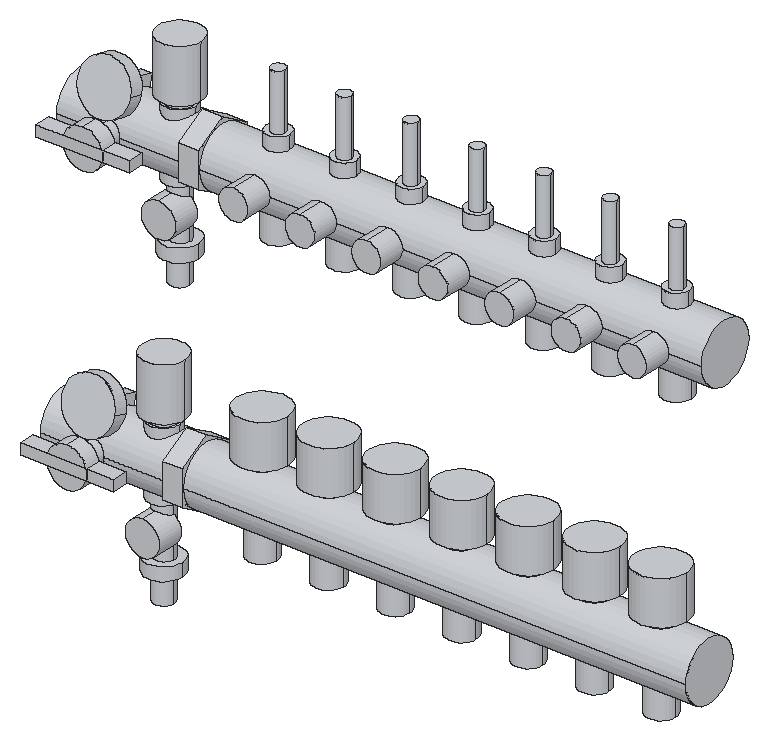
Revit family "318_f16c880827e94962872f661bd91b41", category Pipe Accessories, Revit 2017
Family settings
  Round Connector Dimension = Use Diameter
  Part Type = Valve - Normal
  Work Plane-Based = No
  Always vertical = Yes
  Cut with Voids When Loaded = No
  Shared = No
Parameters (values of type "R553FK107")
  magi_piping_qv_2_7 [instance] = 0.0 L/s
  magi_piping_qv_2_6 [instance] = 0.0 L/s
  magi_piping_qv_2_5 [instance] = 0.0 L/s
  magi_piping_qv_2_4 [instance] = 0.0 L/s
  magi_piping_qv_2_3 [instance] = 0.0 L/s
  magi_piping_qv_2_2 [instance] = 0.0 L/s
  magi_piping_qv_2_1 [instance] = 0.0 L/s
  magi_piping_qv_1_7 [instance] = 0.0 L/s
  magi_piping_qv_1_6 [instance] = 0.0 L/s
  magi_piping_qv_1_5 [instance] = 0.0 L/s
  magi_piping_qv_1_4 [instance] = 0.0 L/s
  magi_piping_qv_1_3 [instance] = 0.0 L/s
  magi_piping_qv_1_2 [instance] = 0.0 L/s
  magi_piping_qv_1_1 [instance] = 0.0 L/s
  magi_piping_qv [instance] = 0.0 L/s
  magi_piping_power_7 [instance] = 0 W
  magi_piping_power_6 [instance] = 0 W
  magi_piping_power_5 [instance] = 0 W
  magi_piping_power_4 [instance] = 0 W
  magi_piping_power_3 [instance] = 0 W
  magi_piping_power_2 [instance] = 0 W
  magi_piping_power_1 [instance] = 0 W
  magi_piping_kv_7 [instance] = 0
  magi_piping_kv_6 [instance] = 0
  magi_piping_kv_5 [instance] = 0
  magi_piping_kv_4 [instance] = 0
  magi_piping_kv_3 [instance] = 0
  magi_piping_kv_2 [instance] = 0
  magi_piping_kv_1 [instance] = 0
  magi_piping_dpTot_7 [instance] = 0.0 Pa
  magi_piping_dpTot_6 [instance] = 0.0 Pa
  magi_piping_dpTot_5 [instance] = 0.0 Pa
  magi_piping_dpTot_4 [instance] = 0.0 Pa
  magi_piping_dpTot_3 [instance] = 0.0 Pa
  magi_piping_dpTot_2 [instance] = 0.0 Pa
  magi_piping_dpTot_1 [instance] = 0.0 Pa
  magi_adjustmentValue_7 [instance] = ""
  magi_adjustmentValue_6 [instance] = ""
  magi_adjustmentValue_5 [instance] = ""
  magi_adjustmentValue_4 [instance] = ""
  magi_adjustmentValue_3 [instance] = ""
  magi_adjustmentValue_2 [instance] = ""
  magi_adjustmentValue_1 [instance] = ""
  magiProductId = "f16c880827e94962872f661bd91b41"
  magiProductFamilyId = "f16c880827e94962872f661bd91b41"
  magiProductCode = "R553FK107"
  magiPartTypeId = 318
  Y = 15 mm
  VersionID = "2.0/2016.10.37.0/GIACOMINI_R553FK_001"
  URL = "http://www.giacomini.com/en"
  SMP = 25 mm
  SBP9 = 18 mm
  SBP8 = 18 mm
  SBP7 = 18 mm
  SBP6 = 18 mm
  SBP5 = 18 mm
  SBP4 = 18 mm
  SBP3 = 18 mm
  SBP2 = 18 mm
  SBP12 = 18 mm
  SBP11 = 18 mm
  SBP10 = 18 mm
  SBP1 = 18 mm
  RMP = 25 mm
  RBP9 = 18 mm
  RBP8 = 18 mm
  RBP7 = 18 mm
  RBP6 = 18 mm
  RBP5 = 18 mm
  RBP4 = 18 mm
  RBP3 = 18 mm
  RBP2 = 18 mm
  RBP12 = 18 mm
  RBP11 = 18 mm
  RBP10 = 18 mm
  RBP1 = 18 mm
  R2 = 22 mm
  QmdConnectorList = "321;SMP;322;SBP1;323;SBP2;324;SBP3;325;SBP4;326;SBP5;327;SBP6;328;SBP7;351;RMP;352;RBP1;353;RBP2;354;RBP3;355;RBP4;356;RBP5;357;RBP6;358;RBP7"
  Productdata [instance] = "© Progman Oy, all rights reserved"
  N9 = no
  N8 = no
  N7 = yes
  N6 = yes
  N5 = yes
  N4 = yes
  N3 = yes
  N12 = no
  N11 = no
  N10 = no
  Manufacturer = "Giacomini"
  MC_Default_elevation = 0 mm
  L = 485 mm
  I = 50 mm
  H5 = 33 mm
  H4 = 5 mm
  H3__ve = -H3  # -40 mm
  H3 = 40 mm
  H2__ve = -H2  # -20 mm
  H2 = 20 mm
  H12 = 42 mm
  H11 = 10 mm
  Flow supply main [instance] = Flow supply 1 + Flow supply 2 + Flow supply 3 + Flow supply 4 + Flow supply 5 + Flow supply 6 + Flow supply 7  # 0.0 L/s
  Flow supply 7 [instance] = 0.0 L/s
  Flow supply 6 [instance] = 0.0 L/s
  Flow supply 5 [instance] = 0.0 L/s
  Flow supply 4 [instance] = 0.0 L/s
  Flow supply 3 [instance] = 0.0 L/s
  Flow supply 2 [instance] = 0.0 L/s
  Flow supply 1 [instance] = 0.0 L/s
  Flow return main [instance] = Flow return 1 + Flow return 2 + Flow return 3 + Flow return 4 + Flow return 5 + Flow return 6 + Flow return 7  # 0.0 L/s
  Flow return 7 [instance] = 0.0 L/s
  Flow return 6 [instance] = 0.0 L/s
  Flow return 5 [instance] = 0.0 L/s
  Flow return 4 [instance] = 0.0 L/s
  Flow return 3 [instance] = 0.0 L/s
  Flow return 2 [instance] = 0.0 L/s
  Flow return 1 [instance] = 0.0 L/s
  E = 208 mm
  Description = "PREASSEMBLED MANIFOLD KIT WITH FLOW METERS"
  D5 = 38 mm
  D4 = 22 mm
  D32 = 10 mm
  D31 = 18 mm
  D2 = 44 mm
  CAT0 = yes
  A = 149 mm
Reference planes
  plane 1 "Center (Front/Back)": y = 0
  plane 2 "XYPLANE": z = 0
  plane 3 "Center (Left/Right)": x = 0
  plane 4 "INIT_TEMP": y = 100
  plane 5 "414": y = -48
  plane 6 "413": z = -178
  plane 7 "412": y = -30
  plane 8 "411": z = -178
  plane 9 "410": z = -274
  plane 10 "409": z = -254
  plane 11 "408": z = -234
  plane 12 "407": z = -177
  plane 13 "406": z = -182
  plane 14 "405": y = -15
  plane 15 "404": z = 30
  plane 16 "403": y = -33
  plane 17 "402": x = 38
  plane 18 "401": z = 30
  plane 19 "400": z = -66
  plane 20 "399": z = -46
  plane 21 "398": z = -26
  plane 22 "397": z = 31
  plane 23 "396": x = 92
  plane 24 "395": z = 26
  plane 25 "394": x = 75
  plane 26 "393": z = -248
  plane 27 "392": z = -181
  plane 28 "391": z = -186
  plane 29 "390": z = -40
  plane 30 "389": x = 0
  plane 31 "388": y = 0
  plane 32 "387": y = -15
  plane 33 "386": z = -208
  plane 34 "385": z = 0
  plane 35 "384": z = 22
  plane 36 "383": x = 149
  plane 37 "382": x = 199
  plane 38 "381": y = -22
  plane 39 "380": x = 249
  plane 40 "379": z = 32
  plane 41 "378": x = 299
  plane 42 "377": x = 349
  plane 43 "376": x = 399
  plane 44 "375": x = 449
  plane 45 "374": x = 499
  plane 46 "373": x = 549
  plane 47 "372": x = 599
  plane 48 "371": x = 649
  plane 49 "370": x = 699
  plane 50 "1126": through (-712, -15, -178) normal (0, -0.2588, -0.9659)
  plane 51 "1127": through (-712, -30, -178) normal (0, 0.9659, -0.2588)
  plane 52 "1128": through (-712, -15, 30) normal (0, -0.9659, 0.2588)
  plane 53 "1129": through (-712, 0, 30) normal (0, 0.2588, 0.9659)
Forms (mm)
  Extrusion 1, solid
    sketch origin (750, -48, 0) x (-1, 0, 0) y (0, 0, 1)
      loop
        circle (712, -208) r 15
    from 0 to -12
  Extrusion 2, solid
    sketch origin (-712, -15, -178) x (1, 0, 0) y (0, -0.965926, 0.258819)
      loop
        line (746, -15) -> (754, -15) -> (754, 15) -> (746, 15) -> (746, -15)
    from 0 to 18
  Extrusion 3, solid
    sketch origin (750, -15, 0) x (-1, 0, 0) y (0, 0, 1)
      loop
        circle (712, -208) r 9
    from 0 to -33
  Extrusion 4, solid
    sketch origin (750, -48, 0) x (-1, 0, 0) y (0, 0, 1)
      loop
        line (677, -204) -> (677, -212) -> (747, -212) -> (747, -204) -> (677, -204)
    from 0 to -12
  Extrusion 5, solid
    sketch origin (-712, -30, -178) x (1, 0, 0) y (0, -0.258819, -0.965926)
      loop
        circle (750, 0) r 20
    from 0 to -10
  Extrusion 6, solid
    sketch origin (-750, 0, -182) x (1, 0, 0) y (0, 1, 0)
      loop
        circle (825, -15) r 12
    from 0 to -52
  Extrusion 7, solid
    sketch origin (92, -750, 0) x (0, 1, 0) y (0, 0, 1)
      loop
        line (735, -182) -> (712.483, -195) -> (712.483, -221) -> (735, -234) -> (757.517, -221) -> (757.517, -195) -> (735, -182)
    from 0 to 15
  Extrusion 8, solid
    sketch origin (-750, 0, -182) x (1, 0, 0) y (0, 1, 0)
      loop
        circle (825, -15) r 10
    from 0 to 5
  Extrusion 9, solid
    sketch origin (-750, 0, -177) x (1, 0, 0) y (0, 1, 0)
      loop
        circle (825, -15) r 16
    from 0 to 40
  Extrusion 10, solid
    sketch origin (-750, 0, -234) x (1, 0, 0) y (0, 1, 0)
      loop
        circle (825, -15) r 7.5
    from 0 to -70
  Extrusion 11, solid
    sketch origin (750, -15, 0) x (-1, 0, 0) y (0, 0, 1)
      loop
        circle (675, -254) r 13
    from 0 to -20
  Extrusion 12, solid
    sketch origin (-750, 0, -274) x (1, 0, 0) y (0, 1, 0)
      loop
        circle (825, -15) r 14
    from 0 to -10
  Extrusion 13, solid
    sketch origin (-712, -15, 30) x (1, 0, 0) y (0, 0.258819, 0.965926)
      loop
        circle (750, 0) r 20
    from 0 to 10
  Extrusion 14, solid
    sketch origin (750, -33, 0) x (-1, 0, 0) y (0, 0, 1)
      loop
        line (677, 4) -> (677, -4) -> (747, -4) -> (747, 4) -> (677, 4)
    from 0 to -12
  Extrusion 15, solid
    sketch origin (750, 0, 0) x (-1, 0, 0) y (0, 0, 1)
      loop
        circle (712, 0) r 9
    from 0 to -33
  Extrusion 16, solid
    sketch origin (-712, 0, 30) x (1, 0, 0) y (0, 0.965926, -0.258819)
      loop
        line (746, 15) -> (746, -15) -> (754, -15) -> (754, 15) -> (746, 15)
    from 0 to -18
  Extrusion 17, solid
    sketch origin (750, -33, 0) x (-1, 0, 0) y (0, 0, 1)
      loop
        circle (712, 0) r 15
    from 0 to -12
  Extrusion 18, solid
    sketch origin (-750, 0, -66) x (1, 0, 0) y (0, 1, 0)
      loop
        circle (825, 0) r 14
    from 0 to -10
  Extrusion 19, solid
    sketch origin (750, 0, 0) x (-1, 0, 0) y (0, 0, 1)
      loop
        circle (675, -46) r 13
    from 0 to -20
  Extrusion 20, solid
    sketch origin (-750, 0, -26) x (1, 0, 0) y (0, 1, 0)
      loop
        circle (825, 0) r 7.5
    from 0 to -70
  Extrusion 21, solid
    sketch origin (-750, 0, 31) x (1, 0, 0) y (0, 1, 0)
      loop
        circle (825, 0) r 16
    from 0 to 40
  Extrusion 22, solid
    sketch origin (-750, 0, 26) x (1, 0, 0) y (0, 1, 0)
      loop
        circle (825, 0) r 10
    from 0 to 5
  Extrusion 23, solid
    sketch origin (92, -750, 0) x (0, 1, 0) y (0, 0, 1)
      loop
        line (750, 26) -> (727.483, 13) -> (727.483, -13) -> (750, -26) -> (772.517, -13) -> (772.517, 13) -> (750, 26)
    from 0 to 15
  Extrusion 24, solid
    sketch origin (-750, 0, 26) x (1, 0, 0) y (0, 1, 0)
      loop
        circle (825, 0) r 12
    from 0 to -52
  Extrusion 25, solid, visible <- "N10"
    sketch origin (-750, 0, -208) x (1, 0, 0) y (0, 1, 0)
      loop
        circle (1349, -15) r 11
    from 0 to -40 <- "H3__ve"
  Extrusion 26, solid, visible <- "N10"
    sketch origin (-750, 0, -186) x (1, 0, 0) y (0, 1, 0)
      loop
        circle (1349, -15) r 11
    from 0 to 5 <- "H4"
  Extrusion 27, solid, visible <- "N10"
    sketch origin (-750, 0, -181) x (1, 0, 0) y (0, 1, 0)
      loop
        circle (1349, -15) r 19
    from 0 to 33 <- "H5"
  Extrusion 28, solid, visible <- "N12"
    sketch origin (-750, 0, -181) x (1, 0, 0) y (0, 1, 0)
      loop
        circle (1449, -15) r 19
    from 0 to 33 <- "H5"
  Extrusion 29, solid, visible <- "N12"
    sketch origin (-750, 0, -186) x (1, 0, 0) y (0, 1, 0)
      loop
        circle (1449, -15) r 11
    from 0 to 5 <- "H4"
  Extrusion 30, solid, visible <- "N12"
    sketch origin (-750, 0, -208) x (1, 0, 0) y (0, 1, 0)
      loop
        circle (1449, -15) r 11
    from 0 to -40 <- "H3__ve"
  Extrusion 31, solid, visible <- "N11"
    sketch origin (-750, 0, -208) x (1, 0, 0) y (0, 1, 0)
      loop
        circle (1399, -15) r 11
    from 0 to -40 <- "H3__ve"
  Extrusion 32, solid, visible <- "N11"
    sketch origin (-750, 0, -186) x (1, 0, 0) y (0, 1, 0)
      loop
        circle (1399, -15) r 11
    from 0 to 5 <- "H4"
  Extrusion 33, solid, visible <- "N11"
    sketch origin (-750, 0, -181) x (1, 0, 0) y (0, 1, 0)
      loop
        circle (1399, -15) r 19
    from 0 to 33 <- "H5"
  Extrusion 34, solid, visible <- "N8"
    sketch origin (-750, 0, -181) x (1, 0, 0) y (0, 1, 0)
      loop
        circle (1249, -15) r 19
    from 0 to 33 <- "H5"
  Extrusion 35, solid, visible <- "N8"
    sketch origin (-750, 0, -186) x (1, 0, 0) y (0, 1, 0)
      loop
        circle (1249, -15) r 11
    from 0 to 5 <- "H4"
  Extrusion 36, solid, visible <- "N8"
    sketch origin (-750, 0, -208) x (1, 0, 0) y (0, 1, 0)
      loop
        circle (1249, -15) r 11
    from 0 to -40 <- "H3__ve"
  Extrusion 37, solid, visible <- "N9"
    sketch origin (-750, 0, -208) x (1, 0, 0) y (0, 1, 0)
      loop
        circle (1299, -15) r 11
    from 0 to -40 <- "H3__ve"
  Extrusion 38, solid, visible <- "N9"
    sketch origin (-750, 0, -186) x (1, 0, 0) y (0, 1, 0)
      loop
        circle (1299, -15) r 11
    from 0 to 5 <- "H4"
  Extrusion 39, solid, visible <- "N9"
    sketch origin (-750, 0, -181) x (1, 0, 0) y (0, 1, 0)
      loop
        circle (1299, -15) r 19
    from 0 to 33 <- "H5"
  Extrusion 40, solid, visible <- "N7"
    sketch origin (-750, 0, -181) x (1, 0, 0) y (0, 1, 0)
      loop
        circle (1199, -15) r 19
    from 0 to 33 <- "H5"
  Extrusion 41, solid, visible <- "N7"
    sketch origin (-750, 0, -186) x (1, 0, 0) y (0, 1, 0)
      loop
        circle (1199, -15) r 11
    from 0 to 5 <- "H4"
  Extrusion 42, solid, visible <- "N7"
    sketch origin (-750, 0, -208) x (1, 0, 0) y (0, 1, 0)
      loop
        circle (1199, -15) r 11
    from 0 to -40 <- "H3__ve"
  Extrusion 43, solid, visible <- "N6"
    sketch origin (-750, 0, -208) x (1, 0, 0) y (0, 1, 0)
      loop
        circle (1149, -15) r 11
    from 0 to -40 <- "H3__ve"
  Extrusion 44, solid, visible <- "N6"
    sketch origin (-750, 0, -186) x (1, 0, 0) y (0, 1, 0)
      loop
        circle (1149, -15) r 11
    from 0 to 5 <- "H4"
  Extrusion 45, solid, visible <- "N6"
    sketch origin (-750, 0, -181) x (1, 0, 0) y (0, 1, 0)
      loop
        circle (1149, -15) r 19
    from 0 to 33 <- "H5"
  Extrusion 46, solid, visible <- "N5"
    sketch origin (-750, 0, -181) x (1, 0, 0) y (0, 1, 0)
      loop
        circle (1099, -15) r 19
    from 0 to 33 <- "H5"
  Extrusion 47, solid, visible <- "N5"
    sketch origin (-750, 0, -186) x (1, 0, 0) y (0, 1, 0)
      loop
        circle (1099, -15) r 11
    from 0 to 5 <- "H4"
  Extrusion 48, solid, visible <- "N5"
    sketch origin (-750, 0, -208) x (1, 0, 0) y (0, 1, 0)
      loop
        circle (1099, -15) r 11
    from 0 to -40 <- "H3__ve"
  Extrusion 49, solid, visible <- "N4"
    sketch origin (-750, 0, -208) x (1, 0, 0) y (0, 1, 0)
      loop
        circle (1049, -15) r 11
    from 0 to -40 <- "H3__ve"
  Extrusion 50, solid, visible <- "N4"
    sketch origin (-750, 0, -186) x (1, 0, 0) y (0, 1, 0)
      loop
        circle (1049, -15) r 11
    from 0 to 5 <- "H4"
  Extrusion 51, solid, visible <- "N4"
    sketch origin (-750, 0, -181) x (1, 0, 0) y (0, 1, 0)
      loop
        circle (1049, -15) r 19
    from 0 to 33 <- "H5"
  Extrusion 52, solid, visible <- "N3"
    sketch origin (-750, 0, -181) x (1, 0, 0) y (0, 1, 0)
      loop
        circle (999, -15) r 19
    from 0 to 33 <- "H5"
  Extrusion 53, solid, visible <- "N3"
    sketch origin (-750, 0, -186) x (1, 0, 0) y (0, 1, 0)
      loop
        circle (999, -15) r 11
    from 0 to 5 <- "H4"
  Extrusion 54, solid
    sketch origin (-750, 0, -186) x (1, 0, 0) y (0, 1, 0)
      loop
        circle (949, -15) r 11
    from 0 to 5 <- "H4"
  Extrusion 55, solid
    sketch origin (-750, 0, -181) x (1, 0, 0) y (0, 1, 0)
      loop
        circle (949, -15) r 19
    from 0 to 33 <- "H5"
  Extrusion 56, solid
    sketch origin (-750, 0, -181) x (1, 0, 0) y (0, 1, 0)
      loop
        circle (899, -15) r 19
    from 0 to 33 <- "H5"
  Extrusion 57, solid
    sketch origin (-750, 0, -186) x (1, 0, 0) y (0, 1, 0)
      loop
        circle (899, -15) r 11
    from 0 to 5 <- "H4"
  Extrusion 58, solid, visible <- "N3"
    sketch origin (-750, 0, -208) x (1, 0, 0) y (0, 1, 0)
      loop
        circle (999, -15) r 11
    from 0 to -40 <- "H3__ve"
  Extrusion 59, solid
    sketch origin (-750, 0, -208) x (1, 0, 0) y (0, 1, 0)
      loop
        circle (899, -15) r 11
    from 0 to -40 <- "H3__ve"
  Extrusion 60, solid
    sketch origin (-750, 0, -208) x (1, 0, 0) y (0, 1, 0)
      loop
        circle (949, -15) r 11
    from 0 to -40 <- "H3__ve"
  Extrusion 61, solid, visible <- "CAT0"
    sketch origin (0, -750, 0) x (0, 1, 0) y (0, 0, 1)
      loop
        circle (735, -208) r 22
    from 0 to 485 <- "L"
  Extrusion 62, solid, visible <- "N8"
    sketch origin (-750, 0, 0) x (1, 0, 0) y (0, 1, 0)
      loop
        circle (1249, 0) r 11
    from 0 to -40 <- "H3__ve"
  Extrusion 63, solid, visible <- "N9"
    sketch origin (-750, 0, 0) x (1, 0, 0) y (0, 1, 0)
      loop
        circle (1299, 0) r 11
    from 0 to -40 <- "H3__ve"
  Extrusion 64, solid, visible <- "N10"
    sketch origin (-750, 0, 0) x (1, 0, 0) y (0, 1, 0)
      loop
        circle (1349, 0) r 11
    from 0 to -40 <- "H3__ve"
  Extrusion 65, solid, visible <- "N11"
    sketch origin (-750, 0, 0) x (1, 0, 0) y (0, 1, 0)
      loop
        circle (1399, 0) r 11
    from 0 to -40 <- "H3__ve"
  Extrusion 66, solid, visible <- "N12"
    sketch origin (-750, 0, 0) x (1, 0, 0) y (0, 1, 0)
      loop
        circle (1449, 0) r 11
    from 0 to -40 <- "H3__ve"
  Extrusion 67, solid, visible <- "N7"
    sketch origin (-750, 0, 0) x (1, 0, 0) y (0, 1, 0)
      loop
        circle (1199, 0) r 11
    from 0 to -40 <- "H3__ve"
  Extrusion 68, solid, visible <- "N6"
    sketch origin (-750, 0, 0) x (1, 0, 0) y (0, 1, 0)
      loop
        circle (1149, 0) r 11
    from 0 to -40 <- "H3__ve"
  Extrusion 69, solid, visible <- "N5"
    sketch origin (-750, 0, 0) x (1, 0, 0) y (0, 1, 0)
      loop
        circle (1099, 0) r 11
    from 0 to -40 <- "H3__ve"
  Extrusion 70, solid, visible <- "N4"
    sketch origin (-750, 0, 0) x (1, 0, 0) y (0, 1, 0)
      loop
        circle (1049, 0) r 11
    from 0 to -40 <- "H3__ve"
  Extrusion 71, solid, visible <- "N3"
    sketch origin (-750, 0, 0) x (1, 0, 0) y (0, 1, 0)
      loop
        circle (999, 0) r 11
    from 0 to -40 <- "H3__ve"
  Extrusion 72, solid
    sketch origin (-750, 0, 0) x (1, 0, 0) y (0, 1, 0)
      loop
        circle (949, 0) r 11
    from 0 to -40 <- "H3__ve"
  Extrusion 73, solid
    sketch origin (-750, 0, 0) x (1, 0, 0) y (0, 1, 0)
      loop
        circle (899, 0) r 11
    from 0 to -40 <- "H3__ve"
  Extrusion 74, solid, visible <- "CAT0"
    sketch origin (0, -750, 0) x (0, 1, 0) y (0, 0, 1)
      loop
        circle (750, 0) r 22
    from 0 to 485 <- "L"
  Extrusion 75, solid
    sketch origin (-750, 0, 22) x (1, 0, 0) y (0, 1, 0)
      loop
        circle (899, 0) r 9
    from 0 to 10 <- "H11"
  Extrusion 76, solid
    sketch origin (750, -22, 0) x (-1, 0, 0) y (0, 0, 1)
      loop
        circle (601, 0) r 11
    from 0 to -20 <- "H2__ve"
  Extrusion 77, solid
    sketch origin (750, -22, 0) x (-1, 0, 0) y (0, 0, 1)
      loop
        circle (551, 0) r 11
    from 0 to -20 <- "H2__ve"
  Extrusion 78, solid, visible <- "N3"
    sketch origin (750, -22, 0) x (-1, 0, 0) y (0, 0, 1)
      loop
        circle (501, 0) r 11
    from 0 to -20 <- "H2__ve"
  Extrusion 79, solid
    sketch origin (-750, 0, 32) x (1, 0, 0) y (0, 1, 0)
      loop
        circle (899, 0) r 5
    from 0 to 42 <- "H12"
  Extrusion 80, solid
    sketch origin (-750, 0, 32) x (1, 0, 0) y (0, 1, 0)
      loop
        circle (949, 0) r 5
    from 0 to 42 <- "H12"
  Extrusion 81, solid
    sketch origin (-750, 0, 22) x (1, 0, 0) y (0, 1, 0)
      loop
        circle (949, 0) r 9
    from 0 to 10 <- "H11"
  Extrusion 82, solid, visible <- "N3"
    sketch origin (-750, 0, 22) x (1, 0, 0) y (0, 1, 0)
      loop
        circle (999, 0) r 9
    from 0 to 10 <- "H11"
  Extrusion 83, solid, visible <- "N3"
    sketch origin (-750, 0, 32) x (1, 0, 0) y (0, 1, 0)
      loop
        circle (999, 0) r 5
    from 0 to 42 <- "H12"
  Extrusion 84, solid, visible <- "N4"
    sketch origin (-750, 0, 32) x (1, 0, 0) y (0, 1, 0)
      loop
        circle (1049, 0) r 5
    from 0 to 42 <- "H12"
  Extrusion 85, solid, visible <- "N4"
    sketch origin (-750, 0, 22) x (1, 0, 0) y (0, 1, 0)
      loop
        circle (1049, 0) r 9
    from 0 to 10 <- "H11"
  Extrusion 86, solid, visible <- "N4"
    sketch origin (750, -22, 0) x (-1, 0, 0) y (0, 0, 1)
      loop
        circle (451, 0) r 11
    from 0 to -20 <- "H2__ve"
  Extrusion 87, solid, visible <- "N5"
    sketch origin (750, -22, 0) x (-1, 0, 0) y (0, 0, 1)
      loop
        circle (401, 0) r 11
    from 0 to -20 <- "H2__ve"
  Extrusion 88, solid, visible <- "N5"
    sketch origin (-750, 0, 22) x (1, 0, 0) y (0, 1, 0)
      loop
        circle (1099, 0) r 9
    from 0 to 10 <- "H11"
  Extrusion 89, solid, visible <- "N5"
    sketch origin (-750, 0, 32) x (1, 0, 0) y (0, 1, 0)
      loop
        circle (1099, 0) r 5
    from 0 to 42 <- "H12"
  Extrusion 90, solid, visible <- "N6"
    sketch origin (-750, 0, 32) x (1, 0, 0) y (0, 1, 0)
      loop
        circle (1149, 0) r 5
    from 0 to 42 <- "H12"
  Extrusion 91, solid, visible <- "N6"
    sketch origin (-750, 0, 22) x (1, 0, 0) y (0, 1, 0)
      loop
        circle (1149, 0) r 9
    from 0 to 10 <- "H11"
  Extrusion 92, solid, visible <- "N6"
    sketch origin (750, -22, 0) x (-1, 0, 0) y (0, 0, 1)
      loop
        circle (351, 0) r 11
    from 0 to -20 <- "H2__ve"
  Extrusion 93, solid, visible <- "N7"
    sketch origin (750, -22, 0) x (-1, 0, 0) y (0, 0, 1)
      loop
        circle (301, 0) r 11
    from 0 to -20 <- "H2__ve"
  Extrusion 94, solid, visible <- "N7"
    sketch origin (-750, 0, 22) x (1, 0, 0) y (0, 1, 0)
      loop
        circle (1199, 0) r 9
    from 0 to 10 <- "H11"
  Extrusion 95, solid, visible <- "N7"
    sketch origin (-750, 0, 32) x (1, 0, 0) y (0, 1, 0)
      loop
        circle (1199, 0) r 5
    from 0 to 42 <- "H12"
  Extrusion 96, solid, visible <- "N8"
    sketch origin (-750, 0, 32) x (1, 0, 0) y (0, 1, 0)
      loop
        circle (1249, 0) r 5
    from 0 to 42 <- "H12"
  Extrusion 97, solid, visible <- "N8"
    sketch origin (-750, 0, 22) x (1, 0, 0) y (0, 1, 0)
      loop
        circle (1249, 0) r 9
    from 0 to 10 <- "H11"
  Extrusion 98, solid, visible <- "N8"
    sketch origin (750, -22, 0) x (-1, 0, 0) y (0, 0, 1)
      loop
        circle (251, 0) r 11
    from 0 to -20 <- "H2__ve"
  Extrusion 99, solid, visible <- "N10"
    sketch origin (750, -22, 0) x (-1, 0, 0) y (0, 0, 1)
      loop
        circle (151, 0) r 11
    from 0 to -20 <- "H2__ve"
  Extrusion 100, solid, visible <- "N10"
    sketch origin (-750, 0, 22) x (1, 0, 0) y (0, 1, 0)
      loop
        circle (1349, 0) r 9
    from 0 to 10 <- "H11"
  Extrusion 101, solid, visible <- "N10"
    sketch origin (-750, 0, 32) x (1, 0, 0) y (0, 1, 0)
      loop
        circle (1349, 0) r 5
    from 0 to 42 <- "H12"
  Extrusion 102, solid, visible <- "N9"
    sketch origin (-750, 0, 32) x (1, 0, 0) y (0, 1, 0)
      loop
        circle (1299, 0) r 5
    from 0 to 42 <- "H12"
  Extrusion 103, solid, visible <- "N9"
    sketch origin (-750, 0, 22) x (1, 0, 0) y (0, 1, 0)
      loop
        circle (1299, 0) r 9
    from 0 to 10 <- "H11"
  Extrusion 104, solid, visible <- "N9"
    sketch origin (750, -22, 0) x (-1, 0, 0) y (0, 0, 1)
      loop
        circle (201, 0) r 11
    from 0 to -20 <- "H2__ve"
  Extrusion 105, solid, visible <- "N11"
    sketch origin (-750, 0, 32) x (1, 0, 0) y (0, 1, 0)
      loop
        circle (1399, 0) r 5
    from 0 to 42 <- "H12"
  Extrusion 106, solid, visible <- "N11"
    sketch origin (-750, 0, 22) x (1, 0, 0) y (0, 1, 0)
      loop
        circle (1399, 0) r 9
    from 0 to 10 <- "H11"
  Extrusion 107, solid, visible <- "N11"
    sketch origin (750, -22, 0) x (-1, 0, 0) y (0, 0, 1)
      loop
        circle (101, 0) r 11
    from 0 to -20 <- "H2__ve"
  Extrusion 108, solid, visible <- "N12"
    sketch origin (750, -22, 0) x (-1, 0, 0) y (0, 0, 1)
      loop
        circle (51, 0) r 11
    from 0 to -20 <- "H2__ve"
  Extrusion 109, solid, visible <- "N12"
    sketch origin (-750, 0, 22) x (1, 0, 0) y (0, 1, 0)
      loop
        circle (1449, 0) r 9
    from 0 to 10 <- "H11"
  Extrusion 110, solid, visible <- "N12"
    sketch origin (-750, 0, 32) x (1, 0, 0) y (0, 1, 0)
      loop
        circle (1449, 0) r 5
    from 0 to 42 <- "H12"
  Extrusion 111, solid, not visible
    sketch origin (-750, 0, -248) x (1, 0, 0) y (0, 1, 0)
      loop
        circle (1199, -15) r 10
    from 0 to 10
  Extrusion 112, solid, not visible
    sketch origin (-750, 0, -248) x (1, 0, 0) y (0, 1, 0)
      loop
        circle (1149, -15) r 10
    from 0 to 10
  Extrusion 113, solid, not visible
    sketch origin (-750, 0, -248) x (1, 0, 0) y (0, 1, 0)
      loop
        circle (1099, -15) r 10
    from 0 to 10
  Extrusion 114, solid, not visible
    sketch origin (-750, 0, -248) x (1, 0, 0) y (0, 1, 0)
      loop
        circle (1049, -15) r 10
    from 0 to 10
  Extrusion 115, solid, not visible
    sketch origin (-750, 0, -248) x (1, 0, 0) y (0, 1, 0)
      loop
        circle (949, -15) r 10
    from 0 to 10
  Extrusion 116, solid, not visible
    sketch origin (-750, 0, -248) x (1, 0, 0) y (0, 1, 0)
      loop
        circle (899, -15) r 10
    from 0 to 10
  Extrusion 117, solid, not visible
    sketch origin (-750, 0, -248) x (1, 0, 0) y (0, 1, 0)
      loop
        circle (999, -15) r 10
    from 0 to 10
  Extrusion 118, solid, not visible
    sketch origin (-750, 0, -40) x (1, 0, 0) y (0, 1, 0)
      loop
        circle (1199, 0) r 10
    from 0 to 10
  Extrusion 119, solid, not visible
    sketch origin (-750, 0, -40) x (1, 0, 0) y (0, 1, 0)
      loop
        circle (1149, 0) r 10
    from 0 to 10
  Extrusion 120, solid, not visible
    sketch origin (-750, 0, -40) x (1, 0, 0) y (0, 1, 0)
      loop
        circle (1099, 0) r 10
    from 0 to 10
  Extrusion 121, solid, not visible
    sketch origin (-750, 0, -40) x (1, 0, 0) y (0, 1, 0)
      loop
        circle (1049, 0) r 10
    from 0 to 10
  Extrusion 122, solid, not visible
    sketch origin (-750, 0, -40) x (1, 0, 0) y (0, 1, 0)
      loop
        circle (999, 0) r 10
    from 0 to 10
  Extrusion 123, solid, not visible
    sketch origin (0, -750, 0) x (0, 1, 0) y (0, 0, 1)
      loop
        circle (750, 0) r 10
    from 0 to 10
  Extrusion 124, solid, not visible
    sketch origin (0, -750, 0) x (0, 1, 0) y (0, 0, 1)
      loop
        circle (735, -208) r 10
    from 0 to 10
  Extrusion 125, solid, not visible
    sketch origin (-750, 0, -40) x (1, 0, 0) y (0, 1, 0)
      loop
        circle (899, 0) r 10
    from 0 to 10
  Extrusion 126, solid, not visible
    sketch origin (-750, 0, -40) x (1, 0, 0) y (0, 1, 0)
      loop
        circle (949, 0) r 10
    from 0 to 10
Text (mm)
  text "© Progman Oy, all rights reserved" at (-472.209, -2482.653, 0), in view "Ref. Level"
Dimensions and locks
  plane 4 "INIT_TEMP" to plane 1 "Center (Front/Back)" = 100 mm
  locked: plane 32 "387" to plane 5 "414" at 33
  locked: plane 33 "386" to plane 6 "413" at 30
  locked: plane 32 "387" to plane 7 "412" at 15
  locked: plane 33 "386" to plane 8 "411" at 30
  locked: plane 11 "408" to plane 9 "410" at 40
  locked: plane 11 "408" to plane 10 "409" at 20
  locked: plane 13 "406" to plane 11 "408" at 52
  locked: plane 13 "406" to plane 12 "407" at 5
  locked: plane 33 "386" to plane 13 "406" at 26
  locked: plane 1 "Center (Front/Back)" to plane 14 "405" at 15
  locked: plane 2 "XYPLANE" to plane 15 "404" at 30
  locked: plane 1 "Center (Front/Back)" to plane 16 "403" at 33
  locked: plane 3 "Center (Left/Right)" to plane 17 "402" at 38
  locked: plane 2 "XYPLANE" to plane 18 "401" at 30
  locked: plane 21 "398" to plane 19 "400" at 40
  locked: plane 21 "398" to plane 20 "399" at 20
  locked: plane 24 "395" to plane 21 "398" at 52
  locked: plane 24 "395" to plane 22 "397" at 5
  locked: plane 25 "394" to plane 23 "396" at 17
  locked: plane 2 "XYPLANE" to plane 24 "395" at 26
  locked: plane 3 "Center (Left/Right)" to plane 25 "394" at 75
  "H3": plane 33 "386" to plane 26 "393"
  "H4": plane 28 "391" to plane 27 "392"
  "R2": plane 33 "386" to plane 28 "391"
  "H3": plane 2 "XYPLANE" to plane 29 "390"
  locked: plane 3 "Center (Left/Right)" to plane 30 "389"
  locked: plane 1 "Center (Front/Back)" to plane 31 "388"
  "Y": plane 1 "Center (Front/Back)" to plane 32 "387"
  "E": plane 2 "XYPLANE" to plane 33 "386"
  locked: plane 2 "XYPLANE" to plane 34 "385"
  "R2": plane 2 "XYPLANE" to plane 35 "384"
  "A": plane 3 "Center (Left/Right)" to plane 36 "383"
  "I": plane 36 "383" to plane 37 "382"
  "R2": plane 1 "Center (Front/Back)" to plane 38 "381"
  "I": plane 37 "382" to plane 39 "380"
  "H11": plane 35 "384" to plane 40 "379"
  "I": plane 39 "380" to plane 41 "378"
  "I": plane 41 "378" to plane 42 "377"
  "I": plane 42 "377" to plane 43 "376"
  "I": plane 43 "376" to plane 44 "375"
  "I": plane 44 "375" to plane 45 "374"
  "I": plane 45 "374" to plane 46 "373"
  "I": plane 46 "373" to plane 47 "372"
  "I": plane 47 "372" to plane 48 "371"
  "I": plane 48 "371" to plane 49 "370"
  "D4": diameter of Extrusion 25 sketch curve
  "D4": diameter of Extrusion 26 sketch curve
  "D5": diameter of Extrusion 27 sketch curve
  "D5": diameter of Extrusion 28 sketch curve
  "D4": diameter of Extrusion 29 sketch curve
  "D4": diameter of Extrusion 30 sketch curve
  "D4": diameter of Extrusion 31 sketch curve
  "D4": diameter of Extrusion 32 sketch curve
  "D5": diameter of Extrusion 33 sketch curve
  "D5": diameter of Extrusion 34 sketch curve
  "D4": diameter of Extrusion 35 sketch curve
  "D4": diameter of Extrusion 36 sketch curve
  "D4": diameter of Extrusion 37 sketch curve
  "D4": diameter of Extrusion 38 sketch curve
  "D5": diameter of Extrusion 39 sketch curve
  "D5": diameter of Extrusion 40 sketch curve
  "D4": diameter of Extrusion 41 sketch curve
  "D4": diameter of Extrusion 42 sketch curve
  "D4": diameter of Extrusion 43 sketch curve
  "D4": diameter of Extrusion 44 sketch curve
  "D5": diameter of Extrusion 45 sketch curve
  "D5": diameter of Extrusion 46 sketch curve
  "D4": diameter of Extrusion 47 sketch curve
  "D4": diameter of Extrusion 48 sketch curve
  "D4": diameter of Extrusion 49 sketch curve
  "D4": diameter of Extrusion 50 sketch curve
  "D5": diameter of Extrusion 51 sketch curve
  "D5": diameter of Extrusion 52 sketch curve
  "D4": diameter of Extrusion 53 sketch curve
  "D4": diameter of Extrusion 54 sketch curve
  "D5": diameter of Extrusion 55 sketch curve
  "D5": diameter of Extrusion 56 sketch curve
  "D4": diameter of Extrusion 57 sketch curve
  "D4": diameter of Extrusion 58 sketch curve
  "D4": diameter of Extrusion 59 sketch curve
  "D4": diameter of Extrusion 60 sketch curve
  "D2": diameter of Extrusion 61 sketch curve
  "D4": diameter of Extrusion 62 sketch curve
  "D4": diameter of Extrusion 63 sketch curve
  "D4": diameter of Extrusion 64 sketch curve
  "D4": diameter of Extrusion 65 sketch curve
  "D4": diameter of Extrusion 66 sketch curve
  "D4": diameter of Extrusion 67 sketch curve
  "D4": diameter of Extrusion 68 sketch curve
  "D4": diameter of Extrusion 69 sketch curve
  "D4": diameter of Extrusion 70 sketch curve
  "D4": diameter of Extrusion 71 sketch curve
  "D4": diameter of Extrusion 72 sketch curve
  "D4": diameter of Extrusion 73 sketch curve
  "D2": diameter of Extrusion 74 sketch curve
  "D31": diameter of Extrusion 75 sketch curve
  "D4": diameter of Extrusion 76 sketch curve
  "D4": diameter of Extrusion 77 sketch curve
  "D4": diameter of Extrusion 78 sketch curve
  "D32": diameter of Extrusion 79 sketch curve
  "D32": diameter of Extrusion 80 sketch curve
  "D31": diameter of Extrusion 81 sketch curve
  "D31": diameter of Extrusion 82 sketch curve
  "D32": diameter of Extrusion 83 sketch curve
  "D32": diameter of Extrusion 84 sketch curve
  "D31": diameter of Extrusion 85 sketch curve
  "D4": diameter of Extrusion 86 sketch curve
  "D4": diameter of Extrusion 87 sketch curve
  "D31": diameter of Extrusion 88 sketch curve
  "D32": diameter of Extrusion 89 sketch curve
  "D32": diameter of Extrusion 90 sketch curve
  "D31": diameter of Extrusion 91 sketch curve
  "D4": diameter of Extrusion 92 sketch curve
  "D4": diameter of Extrusion 93 sketch curve
  "D31": diameter of Extrusion 94 sketch curve
  "D32": diameter of Extrusion 95 sketch curve
  "D32": diameter of Extrusion 96 sketch curve
  "D31": diameter of Extrusion 97 sketch curve
  "D4": diameter of Extrusion 98 sketch curve
  "D4": diameter of Extrusion 99 sketch curve
  "D31": diameter of Extrusion 100 sketch curve
  "D32": diameter of Extrusion 101 sketch curve
  "D32": diameter of Extrusion 102 sketch curve
  "D31": diameter of Extrusion 103 sketch curve
  "D4": diameter of Extrusion 104 sketch curve
  "D32": diameter of Extrusion 105 sketch curve
  "D31": diameter of Extrusion 106 sketch curve
  "D4": diameter of Extrusion 107 sketch curve
  "D4": diameter of Extrusion 108 sketch curve
  "D31": diameter of Extrusion 109 sketch curve
  "D32": diameter of Extrusion 110 sketch curve
  aligned and locked: level to plane 2 "XYPLANE"
  aligned and locked: plane 17 "402" to Extrusion 1 sketch curve
  aligned and locked: plane 33 "386" to Extrusion 1 sketch curve
  aligned and locked: plane 17 "402" to Extrusion 3 sketch curve
  aligned and locked: plane 33 "386" to Extrusion 3 sketch curve
  aligned and locked: plane 17 "402" to Extrusion 5 sketch curve
  aligned and locked: plane 25 "394" to Extrusion 6 sketch curve
  aligned and locked: plane 32 "387" to Extrusion 6 sketch curve
  aligned and locked: plane 25 "394" to Extrusion 8 sketch curve
  aligned and locked: plane 32 "387" to Extrusion 8 sketch curve
  aligned and locked: plane 25 "394" to Extrusion 9 sketch curve
  aligned and locked: plane 32 "387" to Extrusion 9 sketch curve
  aligned and locked: plane 25 "394" to Extrusion 10 sketch curve
  aligned and locked: plane 32 "387" to Extrusion 10 sketch curve
  aligned and locked: plane 10 "409" to Extrusion 11 sketch curve
  aligned and locked: plane 25 "394" to Extrusion 11 sketch curve
  aligned and locked: plane 25 "394" to Extrusion 12 sketch curve
  aligned and locked: plane 32 "387" to Extrusion 12 sketch curve
  aligned and locked: plane 17 "402" to Extrusion 13 sketch curve
  aligned and locked: plane 17 "402" to Extrusion 15 sketch curve
  aligned and locked: plane 34 "385" to Extrusion 15 sketch curve
  aligned and locked: plane 17 "402" to Extrusion 17 sketch curve
  aligned and locked: plane 34 "385" to Extrusion 17 sketch curve
  aligned and locked: plane 25 "394" to Extrusion 18 sketch curve
  aligned and locked: plane 31 "388" to Extrusion 18 sketch curve
  aligned and locked: plane 20 "399" to Extrusion 19 sketch curve
  aligned and locked: plane 25 "394" to Extrusion 19 sketch curve
  aligned and locked: plane 25 "394" to Extrusion 20 sketch curve
  aligned and locked: plane 31 "388" to Extrusion 20 sketch curve
  aligned and locked: plane 25 "394" to Extrusion 21 sketch curve
  aligned and locked: plane 31 "388" to Extrusion 21 sketch curve
  aligned and locked: plane 25 "394" to Extrusion 22 sketch curve
  aligned and locked: plane 31 "388" to Extrusion 22 sketch curve
  aligned and locked: plane 25 "394" to Extrusion 24 sketch curve
  aligned and locked: plane 31 "388" to Extrusion 24 sketch curve
  aligned and locked: plane 32 "387" to Extrusion 25 sketch curve
  aligned and locked: plane 47 "372" to Extrusion 25 sketch curve
  aligned and locked: plane 32 "387" to Extrusion 26 sketch curve
  aligned and locked: plane 47 "372" to Extrusion 26 sketch curve
  aligned and locked: plane 32 "387" to Extrusion 27 sketch curve
  aligned and locked: plane 47 "372" to Extrusion 27 sketch curve
  aligned and locked: plane 32 "387" to Extrusion 28 sketch curve
  aligned and locked: plane 49 "370" to Extrusion 28 sketch curve
  aligned and locked: plane 32 "387" to Extrusion 29 sketch curve
  aligned and locked: plane 49 "370" to Extrusion 29 sketch curve
  aligned and locked: plane 32 "387" to Extrusion 30 sketch curve
  aligned and locked: plane 49 "370" to Extrusion 30 sketch curve
  aligned and locked: plane 32 "387" to Extrusion 31 sketch curve
  aligned and locked: plane 48 "371" to Extrusion 31 sketch curve
  aligned and locked: plane 32 "387" to Extrusion 32 sketch curve
  aligned and locked: plane 48 "371" to Extrusion 32 sketch curve
  aligned and locked: plane 32 "387" to Extrusion 33 sketch curve
  aligned and locked: plane 48 "371" to Extrusion 33 sketch curve
  aligned and locked: plane 32 "387" to Extrusion 34 sketch curve
  aligned and locked: plane 45 "374" to Extrusion 34 sketch curve
  aligned and locked: plane 32 "387" to Extrusion 35 sketch curve
  aligned and locked: plane 45 "374" to Extrusion 35 sketch curve
  aligned and locked: plane 32 "387" to Extrusion 36 sketch curve
  aligned and locked: plane 45 "374" to Extrusion 36 sketch curve
  aligned and locked: plane 32 "387" to Extrusion 37 sketch curve
  aligned and locked: plane 46 "373" to Extrusion 37 sketch curve
  aligned and locked: plane 32 "387" to Extrusion 38 sketch curve
  aligned and locked: plane 46 "373" to Extrusion 38 sketch curve
  aligned and locked: plane 32 "387" to Extrusion 39 sketch curve
  aligned and locked: plane 46 "373" to Extrusion 39 sketch curve
  aligned and locked: plane 32 "387" to Extrusion 40 sketch curve
  aligned and locked: plane 44 "375" to Extrusion 40 sketch curve
  aligned and locked: plane 32 "387" to Extrusion 41 sketch curve
  aligned and locked: plane 44 "375" to Extrusion 41 sketch curve
  aligned and locked: plane 32 "387" to Extrusion 42 sketch curve
  aligned and locked: plane 44 "375" to Extrusion 42 sketch curve
  aligned and locked: plane 32 "387" to Extrusion 43 sketch curve
  aligned and locked: plane 43 "376" to Extrusion 43 sketch curve
  aligned and locked: plane 32 "387" to Extrusion 44 sketch curve
  aligned and locked: plane 43 "376" to Extrusion 44 sketch curve
  aligned and locked: plane 32 "387" to Extrusion 45 sketch curve
  aligned and locked: plane 43 "376" to Extrusion 45 sketch curve
  aligned and locked: plane 32 "387" to Extrusion 46 sketch curve
  aligned and locked: plane 42 "377" to Extrusion 46 sketch curve
  aligned and locked: plane 32 "387" to Extrusion 47 sketch curve
  aligned and locked: plane 42 "377" to Extrusion 47 sketch curve
  aligned and locked: plane 32 "387" to Extrusion 48 sketch curve
  aligned and locked: plane 42 "377" to Extrusion 48 sketch curve
  aligned and locked: plane 32 "387" to Extrusion 49 sketch curve
  aligned and locked: plane 41 "378" to Extrusion 49 sketch curve
  aligned and locked: plane 32 "387" to Extrusion 50 sketch curve
  aligned and locked: plane 41 "378" to Extrusion 50 sketch curve
  aligned and locked: plane 32 "387" to Extrusion 51 sketch curve
  aligned and locked: plane 41 "378" to Extrusion 51 sketch curve
  aligned and locked: plane 32 "387" to Extrusion 52 sketch curve
  aligned and locked: plane 39 "380" to Extrusion 52 sketch curve
  aligned and locked: plane 32 "387" to Extrusion 53 sketch curve
  aligned and locked: plane 39 "380" to Extrusion 53 sketch curve
  aligned and locked: plane 32 "387" to Extrusion 54 sketch curve
  aligned and locked: plane 37 "382" to Extrusion 54 sketch curve
  aligned and locked: plane 32 "387" to Extrusion 55 sketch curve
  aligned and locked: plane 37 "382" to Extrusion 55 sketch curve
  aligned and locked: plane 32 "387" to Extrusion 56 sketch curve
  aligned and locked: plane 36 "383" to Extrusion 56 sketch curve
  aligned and locked: plane 32 "387" to Extrusion 57 sketch curve
  aligned and locked: plane 36 "383" to Extrusion 57 sketch curve
  aligned and locked: plane 32 "387" to Extrusion 58 sketch curve
  aligned and locked: plane 39 "380" to Extrusion 58 sketch curve
  aligned and locked: plane 32 "387" to Extrusion 59 sketch curve
  aligned and locked: plane 36 "383" to Extrusion 59 sketch curve
  aligned and locked: plane 32 "387" to Extrusion 60 sketch curve
  aligned and locked: plane 37 "382" to Extrusion 60 sketch curve
  aligned and locked: Extrusion 61 sketch curve to plane 32 "387"
  aligned and locked: plane 33 "386" to Extrusion 61 sketch curve
  aligned and locked: plane 31 "388" to Extrusion 62 sketch curve
  aligned and locked: plane 45 "374" to Extrusion 62 sketch curve
  aligned and locked: plane 31 "388" to Extrusion 63 sketch curve
  aligned and locked: plane 46 "373" to Extrusion 63 sketch curve
  aligned and locked: plane 31 "388" to Extrusion 64 sketch curve
  aligned and locked: plane 47 "372" to Extrusion 64 sketch curve
  aligned and locked: plane 31 "388" to Extrusion 65 sketch curve
  aligned and locked: plane 48 "371" to Extrusion 65 sketch curve
  aligned and locked: plane 31 "388" to Extrusion 66 sketch curve
  aligned and locked: plane 49 "370" to Extrusion 66 sketch curve
  aligned and locked: plane 31 "388" to Extrusion 67 sketch curve
  aligned and locked: plane 44 "375" to Extrusion 67 sketch curve
  aligned and locked: plane 31 "388" to Extrusion 68 sketch curve
  aligned and locked: plane 43 "376" to Extrusion 68 sketch curve
  aligned and locked: plane 31 "388" to Extrusion 69 sketch curve
  aligned and locked: plane 42 "377" to Extrusion 69 sketch curve
  aligned and locked: plane 31 "388" to Extrusion 70 sketch curve
  aligned and locked: plane 41 "378" to Extrusion 70 sketch curve
  aligned and locked: plane 31 "388" to Extrusion 71 sketch curve
  aligned and locked: plane 39 "380" to Extrusion 71 sketch curve
  aligned and locked: plane 31 "388" to Extrusion 72 sketch curve
  aligned and locked: plane 37 "382" to Extrusion 72 sketch curve
  aligned and locked: plane 31 "388" to Extrusion 73 sketch curve
  aligned and locked: plane 36 "383" to Extrusion 73 sketch curve
  aligned and locked: Extrusion 74 sketch curve to plane 31 "388"
  aligned and locked: plane 34 "385" to Extrusion 74 sketch curve
  aligned and locked: plane 31 "388" to Extrusion 75 sketch curve
  aligned and locked: plane 36 "383" to Extrusion 75 sketch curve
  aligned and locked: plane 34 "385" to Extrusion 76 sketch curve
  aligned and locked: plane 36 "383" to Extrusion 76 sketch curve
  aligned and locked: plane 34 "385" to Extrusion 77 sketch curve
  aligned and locked: plane 37 "382" to Extrusion 77 sketch curve
  aligned and locked: plane 34 "385" to Extrusion 78 sketch curve
  aligned and locked: plane 39 "380" to Extrusion 78 sketch curve
  aligned and locked: plane 31 "388" to Extrusion 79 sketch curve
  aligned and locked: plane 36 "383" to Extrusion 79 sketch curve
  aligned and locked: plane 31 "388" to Extrusion 80 sketch curve
  aligned and locked: plane 37 "382" to Extrusion 80 sketch curve
  aligned and locked: plane 31 "388" to Extrusion 81 sketch curve
  aligned and locked: plane 37 "382" to Extrusion 81 sketch curve
  aligned and locked: plane 31 "388" to Extrusion 82 sketch curve
  aligned and locked: plane 39 "380" to Extrusion 82 sketch curve
  aligned and locked: plane 31 "388" to Extrusion 83 sketch curve
  aligned and locked: plane 39 "380" to Extrusion 83 sketch curve
  aligned and locked: plane 31 "388" to Extrusion 84 sketch curve
  aligned and locked: plane 41 "378" to Extrusion 84 sketch curve
  aligned and locked: plane 31 "388" to Extrusion 85 sketch curve
  aligned and locked: plane 41 "378" to Extrusion 85 sketch curve
  aligned and locked: plane 34 "385" to Extrusion 86 sketch curve
  aligned and locked: plane 41 "378" to Extrusion 86 sketch curve
  aligned and locked: plane 34 "385" to Extrusion 87 sketch curve
  aligned and locked: plane 42 "377" to Extrusion 87 sketch curve
  aligned and locked: plane 31 "388" to Extrusion 88 sketch curve
  aligned and locked: plane 42 "377" to Extrusion 88 sketch curve
  aligned and locked: plane 31 "388" to Extrusion 89 sketch curve
  aligned and locked: plane 42 "377" to Extrusion 89 sketch curve
  aligned and locked: plane 31 "388" to Extrusion 90 sketch curve
  aligned and locked: plane 43 "376" to Extrusion 90 sketch curve
  aligned and locked: plane 31 "388" to Extrusion 91 sketch curve
  aligned and locked: plane 43 "376" to Extrusion 91 sketch curve
  aligned and locked: plane 34 "385" to Extrusion 92 sketch curve
  aligned and locked: plane 43 "376" to Extrusion 92 sketch curve
  aligned and locked: plane 34 "385" to Extrusion 93 sketch curve
  aligned and locked: plane 44 "375" to Extrusion 93 sketch curve
  aligned and locked: plane 31 "388" to Extrusion 94 sketch curve
  aligned and locked: plane 44 "375" to Extrusion 94 sketch curve
  aligned and locked: plane 31 "388" to Extrusion 95 sketch curve
  aligned and locked: plane 44 "375" to Extrusion 95 sketch curve
  aligned and locked: plane 31 "388" to Extrusion 96 sketch curve
  aligned and locked: plane 45 "374" to Extrusion 96 sketch curve
  aligned and locked: plane 31 "388" to Extrusion 97 sketch curve
  aligned and locked: plane 45 "374" to Extrusion 97 sketch curve
  aligned and locked: plane 34 "385" to Extrusion 98 sketch curve
  aligned and locked: plane 45 "374" to Extrusion 98 sketch curve
  aligned and locked: plane 34 "385" to Extrusion 99 sketch curve
  aligned and locked: plane 47 "372" to Extrusion 99 sketch curve
  aligned and locked: plane 31 "388" to Extrusion 100 sketch curve
  aligned and locked: plane 47 "372" to Extrusion 100 sketch curve
  aligned and locked: plane 31 "388" to Extrusion 101 sketch curve
  aligned and locked: plane 47 "372" to Extrusion 101 sketch curve
  aligned and locked: plane 31 "388" to Extrusion 102 sketch curve
  aligned and locked: plane 46 "373" to Extrusion 102 sketch curve
  aligned and locked: plane 31 "388" to Extrusion 103 sketch curve
  aligned and locked: plane 46 "373" to Extrusion 103 sketch curve
  aligned and locked: plane 34 "385" to Extrusion 104 sketch curve
  aligned and locked: plane 46 "373" to Extrusion 104 sketch curve
  aligned and locked: plane 31 "388" to Extrusion 105 sketch curve
  aligned and locked: plane 48 "371" to Extrusion 105 sketch curve
  aligned and locked: plane 31 "388" to Extrusion 106 sketch curve
  aligned and locked: plane 48 "371" to Extrusion 106 sketch curve
  aligned and locked: plane 34 "385" to Extrusion 107 sketch curve
  aligned and locked: plane 48 "371" to Extrusion 107 sketch curve
  aligned and locked: plane 34 "385" to Extrusion 108 sketch curve
  aligned and locked: plane 49 "370" to Extrusion 108 sketch curve
  aligned and locked: plane 31 "388" to Extrusion 109 sketch curve
  aligned and locked: plane 49 "370" to Extrusion 109 sketch curve
  aligned and locked: plane 31 "388" to Extrusion 110 sketch curve
  aligned and locked: plane 49 "370" to Extrusion 110 sketch curve
  aligned and locked: plane 32 "387" to Extrusion 111 sketch curve
  aligned and locked: plane 44 "375" to Extrusion 111 sketch curve
  aligned and locked: plane 32 "387" to Extrusion 112 sketch curve
  aligned and locked: plane 43 "376" to Extrusion 112 sketch curve
  aligned and locked: plane 32 "387" to Extrusion 113 sketch curve
  aligned and locked: plane 42 "377" to Extrusion 113 sketch curve
  aligned and locked: plane 32 "387" to Extrusion 114 sketch curve
  aligned and locked: plane 41 "378" to Extrusion 114 sketch curve
  aligned and locked: plane 32 "387" to Extrusion 115 sketch curve
  aligned and locked: plane 37 "382" to Extrusion 115 sketch curve
  aligned and locked: plane 32 "387" to Extrusion 116 sketch curve
  aligned and locked: plane 36 "383" to Extrusion 116 sketch curve
  aligned and locked: plane 32 "387" to Extrusion 117 sketch curve
  aligned and locked: plane 39 "380" to Extrusion 117 sketch curve
  aligned and locked: plane 31 "388" to Extrusion 118 sketch curve
  aligned and locked: plane 44 "375" to Extrusion 118 sketch curve
  aligned and locked: plane 31 "388" to Extrusion 119 sketch curve
  aligned and locked: plane 43 "376" to Extrusion 119 sketch curve
  aligned and locked: plane 31 "388" to Extrusion 120 sketch curve
  aligned and locked: plane 42 "377" to Extrusion 120 sketch curve
  aligned and locked: plane 31 "388" to Extrusion 121 sketch curve
  aligned and locked: plane 41 "378" to Extrusion 121 sketch curve
  aligned and locked: plane 31 "388" to Extrusion 122 sketch curve
  aligned and locked: plane 39 "380" to Extrusion 122 sketch curve
  aligned and locked: Extrusion 123 sketch curve to plane 31 "388"
  aligned and locked: plane 34 "385" to Extrusion 123 sketch curve
  aligned and locked: Extrusion 124 sketch curve to plane 32 "387"
  aligned and locked: plane 33 "386" to Extrusion 124 sketch curve
  aligned and locked: plane 31 "388" to Extrusion 125 sketch curve
  aligned and locked: plane 36 "383" to Extrusion 125 sketch curve
  aligned and locked: plane 31 "388" to Extrusion 126 sketch curve
  aligned and locked: plane 37 "382" to Extrusion 126 sketch curve
Automatic sketch dimensions
  plane 11 "408" to Extrusion 1 sketch curve = 11 mm
  Extrusion 2 sketch curve to plane 17 "402" = 4 mm
  Extrusion 2 sketch curve to plane 51 "1127" = 0.511 mm
  plane 17 "402" to Extrusion 2 sketch curve = 4 mm
  plane 51 "1127" to Extrusion 2 sketch curve = 29.489 mm
  Extrusion 3 sketch curve to plane 33 "386" = 9 mm
  Extrusion 4 sketch curve to plane 25 "394" = 2 mm
  plane 3 "Center (Left/Right)" to Extrusion 4 sketch curve = 3 mm
  Extrusion 4 sketch curve to plane 33 "386" = 4 mm
  plane 33 "386" to Extrusion 4 sketch curve = 4 mm
  plane 50 "1126" to Extrusion 5 sketch curve = 3.882 mm
  plane 3 "Center (Left/Right)" to Extrusion 5 sketch curve = 18 mm
  Extrusion 6 sketch curve to plane 25 "394" = 12 mm
  Extrusion 7 sketch curve to plane 13 "406" = 0 mm
  Extrusion 7 sketch curve to plane 14 "405" = 0 mm  (x2)
  Extrusion 7 sketch curve to plane 11 "408" = 0 mm
  Extrusion 7 sketch curve to plane 16 "403" = 4.517 mm
  Extrusion 7 sketch curve to plane 1 "Center (Front/Back)" = 7.517 mm
  plane 11 "408" to Extrusion 7 sketch curve = 13 mm  (x2)
  Extrusion 7 sketch curve to plane 28 "391" = 9 mm  (x2)
  Extrusion 8 sketch curve to plane 25 "394" = 10 mm
  Extrusion 9 sketch curve to plane 25 "394" = 16 mm
  Extrusion 10 sketch curve to plane 25 "394" = 7.5 mm
  plane 9 "410" to Extrusion 11 sketch curve = 7 mm
  Extrusion 12 sketch curve to plane 25 "394" = 14 mm
  Extrusion 13 sketch curve to plane 53 "1129" = 3.882 mm
  plane 3 "Center (Left/Right)" to Extrusion 13 sketch curve = 18 mm
  Extrusion 14 sketch curve to plane 25 "394" = 2 mm
  plane 3 "Center (Left/Right)" to Extrusion 14 sketch curve = 3 mm
  Extrusion 14 sketch curve to level = 4 mm
  level to Extrusion 14 sketch curve = 4 mm
  Extrusion 15 sketch curve to level = 9 mm
  Extrusion 16 sketch curve to plane 17 "402" = 4 mm
  plane 52 "1128" to Extrusion 16 sketch curve = 0.511 mm
  plane 17 "402" to Extrusion 16 sketch curve = 4 mm
  Extrusion 16 sketch curve to plane 51 "1127" = 9.857 mm
  plane 21 "398" to Extrusion 17 sketch curve = 11 mm
  Extrusion 18 sketch curve to plane 25 "394" = 14 mm
  plane 19 "400" to Extrusion 19 sketch curve = 7 mm
  Extrusion 20 sketch curve to plane 25 "394" = 7.5 mm
  Extrusion 21 sketch curve to plane 25 "394" = 16 mm
  Extrusion 22 sketch curve to plane 25 "394" = 10 mm
  Extrusion 23 sketch curve to plane 1 "Center (Front/Back)" = 0 mm  (x2)
  Extrusion 23 sketch curve to plane 21 "398" = 0 mm
  Extrusion 23 sketch curve to plane 24 "395" = 0 mm
  Extrusion 23 sketch curve to plane 38 "381" = 0.517 mm
  Extrusion 23 sketch curve to plane 35 "384" = 9 mm  (x2)
  Extrusion 23 sketch curve to plane 1 "Center (Front/Back)" = 22.517 mm
  Extrusion 23 sketch curve to level = 13 mm  (x2)
  Extrusion 24 sketch curve to plane 25 "394" = 12 mm
  Extrusion 111 sketch curve to plane 38 "381" = 3 mm
  Extrusion 112 sketch curve to plane 38 "381" = 3 mm
  Extrusion 113 sketch curve to plane 38 "381" = 3 mm
  Extrusion 114 sketch curve to plane 38 "381" = 3 mm
  Extrusion 115 sketch curve to plane 38 "381" = 3 mm
  Extrusion 116 sketch curve to plane 38 "381" = 3 mm
  Extrusion 117 sketch curve to plane 38 "381" = 3 mm
  plane 14 "405" to Extrusion 118 sketch curve = 5 mm
  plane 14 "405" to Extrusion 119 sketch curve = 5 mm
  plane 14 "405" to Extrusion 120 sketch curve = 5 mm
  plane 14 "405" to Extrusion 121 sketch curve = 5 mm
  plane 14 "405" to Extrusion 122 sketch curve = 5 mm
  plane 14 "405" to Extrusion 123 sketch curve = 5 mm
  Extrusion 124 sketch curve to plane 38 "381" = 3 mm
  plane 14 "405" to Extrusion 125 sketch curve = 5 mm
  plane 14 "405" to Extrusion 126 sketch curve = 5 mm
Connectors
  piping at (0, 0, 0), diameter 25, driven by "Flow supply main", driven by "SMP"
    settings: on Extrusion 123, index 1, connector inside diameter 609.6 mm, connector length 0 mm, flow factor 0, pipe flow 0.0 L/s, pressure drop 0.0 Pa, fitting loss kfactor 0, connector angle 0.00°, fixture units 0, engagement length 0 mm, angle of deflection 0.00°, flow configuration 1, flow direction 1, fitting loss method 0, system type 7, joint type 0, gender type 0, connector reference index -1, connector utility 0, adjustable connector no, is connector primary yes, connector description "Main_1_1"
  piping at (149, 0, -40), diameter 18, driven by "Flow supply 1", driven by "SBP1"
    settings: on Extrusion 125, index 2, connector inside diameter 609.6 mm, connector length 0 mm, flow factor 0, pipe flow 0.0 L/s, pressure drop 0.0 Pa, fitting loss kfactor 0, connector angle 0.00°, fixture units 0, engagement length 0 mm, angle of deflection 0.00°, flow configuration 0, flow direction 2, fitting loss method 0, system type 7, joint type 0, gender type 0, connector reference index -1, connector utility 0, adjustable connector no, is connector primary no, connector description "Branch_1_1"
  piping at (199, 0, -40), diameter 18, driven by "Flow supply 2", driven by "SBP2"
    settings: on Extrusion 126, index 3, connector inside diameter 609.6 mm, connector length 0 mm, flow factor 0, pipe flow 0.0 L/s, pressure drop 0.0 Pa, fitting loss kfactor 0, connector angle 0.00°, fixture units 0, engagement length 0 mm, angle of deflection 0.00°, flow configuration 0, flow direction 2, fitting loss method 0, system type 7, joint type 0, gender type 0, connector reference index -1, connector utility 0, adjustable connector no, is connector primary no, connector description "Branch_1_2"
  piping at (249, 0, -40), diameter 18, driven by "Flow supply 3", driven by "SBP3"
    settings: on Extrusion 122, index 4, connector inside diameter 609.6 mm, connector length 0 mm, flow factor 0, pipe flow 0.0 L/s, pressure drop 0.0 Pa, fitting loss kfactor 0, connector angle 0.00°, fixture units 0, engagement length 0 mm, angle of deflection 0.00°, flow configuration 0, flow direction 2, fitting loss method 0, system type 7, joint type 0, gender type 0, connector reference index -1, connector utility 0, adjustable connector no, is connector primary no, connector description "Branch_1_3"
  piping at (299, 0, -40), diameter 18, driven by "Flow supply 4", driven by "SBP4"
    settings: on Extrusion 121, index 5, connector inside diameter 609.6 mm, connector length 0 mm, flow factor 0, pipe flow 0.0 L/s, pressure drop 0.0 Pa, fitting loss kfactor 0, connector angle 0.00°, fixture units 0, engagement length 0 mm, angle of deflection 0.00°, flow configuration 0, flow direction 2, fitting loss method 0, system type 7, joint type 0, gender type 0, connector reference index -1, connector utility 0, adjustable connector no, is connector primary no, connector description "Branch_1_4"
  piping at (349, 0, -40), diameter 18, driven by "Flow supply 5", driven by "SBP5"
    settings: on Extrusion 120, index 6, connector inside diameter 609.6 mm, connector length 0 mm, flow factor 0, pipe flow 0.0 L/s, pressure drop 0.0 Pa, fitting loss kfactor 0, connector angle 0.00°, fixture units 0, engagement length 0 mm, angle of deflection 0.00°, flow configuration 0, flow direction 2, fitting loss method 0, system type 7, joint type 0, gender type 0, connector reference index -1, connector utility 0, adjustable connector no, is connector primary no, connector description "Branch_1_5"
  piping at (399, 0, -40), diameter 18, driven by "Flow supply 6", driven by "SBP6"
    settings: on Extrusion 119, index 7, connector inside diameter 609.6 mm, connector length 0 mm, flow factor 0, pipe flow 0.0 L/s, pressure drop 0.0 Pa, fitting loss kfactor 0, connector angle 0.00°, fixture units 0, engagement length 0 mm, angle of deflection 0.00°, flow configuration 0, flow direction 2, fitting loss method 0, system type 7, joint type 0, gender type 0, connector reference index -1, connector utility 0, adjustable connector no, is connector primary no, connector description "Branch_1_6"
  piping at (449, 0, -40), diameter 18, driven by "Flow supply 7", driven by "SBP7"
    settings: on Extrusion 118, index 8, connector inside diameter 609.6 mm, connector length 0 mm, flow factor 0, pipe flow 0.0 L/s, pressure drop 0.0 Pa, fitting loss kfactor 0, connector angle 0.00°, fixture units 0, engagement length 0 mm, angle of deflection 0.00°, flow configuration 0, flow direction 2, fitting loss method 0, system type 7, joint type 0, gender type 0, connector reference index -1, connector utility 0, adjustable connector no, is connector primary no, connector description "Branch_1_7"
  piping at (0, -15, -208), diameter 25, driven by "Flow return main", driven by "RMP"
    settings: on Extrusion 124, index 9, connector inside diameter 609.6 mm, connector length 0 mm, flow factor 0, pipe flow 0.0 L/s, pressure drop 0.0 Pa, fitting loss kfactor 0, connector angle 0.00°, fixture units 0, engagement length 0 mm, angle of deflection 0.00°, flow configuration 1, flow direction 2, fitting loss method 0, system type 8, joint type 0, gender type 0, connector reference index -1, connector utility 0, adjustable connector no, is connector primary no, connector description "Main_2_1"
  piping at (149, -15, -248), diameter 18, driven by "Flow return 1", driven by "RBP1"
    settings: on Extrusion 116, index 10, connector inside diameter 609.6 mm, connector length 0 mm, flow factor 0, pipe flow 0.0 L/s, pressure drop 0.0 Pa, fitting loss kfactor 0, connector angle 0.00°, fixture units 0, engagement length 0 mm, angle of deflection 0.00°, flow configuration 0, flow direction 1, fitting loss method 0, system type 8, joint type 0, gender type 0, connector reference index -1, connector utility 0, adjustable connector no, is connector primary no, connector description "Branch_2_1"
